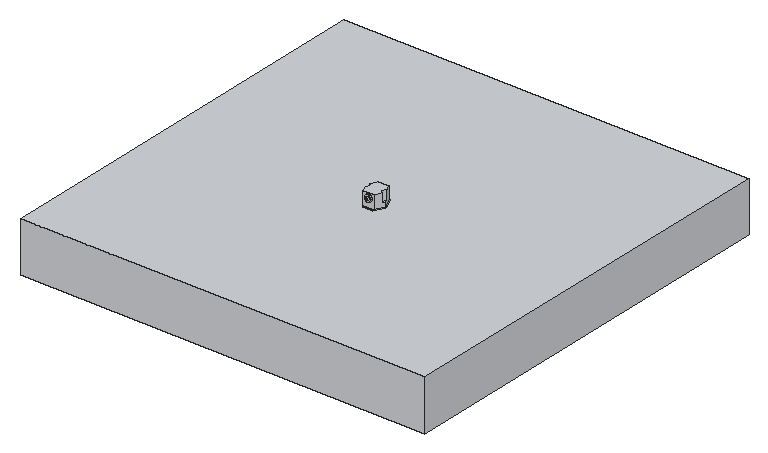
Revit family "M_Prendedor de porta do alarme de incêndio - Magnético - Montado no piso duplo", category Dispositivos de alarme de incêndio, Revit 2019
Family settings
  Hospedeiro = Face
  Manter orientação da anotação = Sim
  Cota do conector redondo = Utilizar diâmetro
  Tipo de parte = Normal
  Número OmniClass = 23.85.30.21.11.17
  Título OmniClass = Other Components
  ID de item do Seek = Fire Alarm Door Holder - Magnetic - Double Floor Mounted-0000-CAN-ENU
  Corte com vazios quando carregada = Não
  Compartilhado = Não
  Ponto de cálculo do ambiente = Não
Parameters (values of type "Padrão")
  Material do prendedor de porta = none
  Elevação-padrão = 1200 mm
Reference planes
  plane 1 "Centro (Frente/Trás)": y = 0
  plane 2: z = 0
  plane 3 "Centro (Esquerda/Direita)": x = 0
  plane 4: x = 58.738
  plane 5: x = -58.737
  plane 6: z = 82.55
  plane 7: x = -57.15
  plane 8: x = 57.15
  plane 9: x = -31.75
  plane 10: x = 31.75
  plane 11: z = 3.175
  plane 12: z = 28.575
  plane 13: z = 55.562
  plane 14: y = -123.825
  plane 15: y = -117.475
  plane 16: y = -6.35
  plane 17: y = -61.913
Forms (mm)
  Extrusion 1, solid
    sketch origin (0, 0, 0) x (1, 0, 0) y (0, 1, 0)
      loop
        line (-1219.2, 1219.2) -> (-1219.2, -1219.2) -> (1219.2, -1219.2) -> (1219.2, 1219.2) -> (-1219.2, 1219.2)
    from 0 to -304.8
  Extrusion 2, solid, material <- "Material do prendedor de porta"
    sketch origin (0, 0, 0) x (1, 0, 0) y (0, 0, 1)
      loop
        circle (0, 55.562) r 19.05
    from 0 to 123.825
  Extrusion 3, solid, material <- "Material do prendedor de porta"
    sketch origin (0, 0, 0) x (1, 0, 0) y (0, 1, 0)
      loop
        line (-58.737, -61.913) -> (-31.75, -123.825) -> (31.75, -123.825) -> (58.737, -61.913) -> (31.75, 0) -> (-31.75, 0) -> (-58.737, -61.913)
    from 3.175 to 0
  Extrusion 4, solid, material <- "Material do prendedor de porta"
    sketch origin (0, 0, 0) x (1, 0, 0) y (0, 1, 0)
      loop
        line (-34.355, -6.35) -> (-57.15, -61.913) -> (-34.355, -117.475) -> (34.355, -117.475) -> (57.15, -61.913) -> (34.355, -6.35) -> (-34.355, -6.35)
    from 3.175 to 82.55
  Extrusion 5, void
    sketch origin (81.771, -51.976, 0) x (1, 0, 0) y (0, 0, 1)
      loop
        circle (-81.771, 55.562) r 12.7
    from -51.976 to -48.801
  Extrusion 6, void
    sketch origin (-0.36, -85.701, 0) x (1, 0, 0) y (0, 0, 1)
      loop
        circle (0.36, 55.562) r 12.7
    from 34.639 to 38.124
  Extrusion 7, void
    sketch origin (0, 0, 0) x (1, 0, 0) y (0, 1, 0)
      loop
        arc (57.15, -42.863) -> (38.1, -61.913) -> (57.15, -80.963) r 19.05
        line (57.15, -80.963) -> (57.15, -42.863)
    from 28.575 to 82.55
  Extrusion 8, void
    sketch origin (0, 0, 0) x (-1, 0, 0) y (0, -1, 0)
      loop
        line (57.15, 42.863) -> (57.15, 80.963)
        arc (57.15, 80.963) -> (38.1, 61.913) -> (57.15, 42.863) r 19.05
    from 28.575 to 82.55
Cuts and joins
  Extrusion 5, Extrusion 6, Extrusion 8 cuts Extrusion 2
  Extrusion 7, Extrusion 8 cuts Extrusion 4
  joined: Extrusion 2, Extrusion 4
Lines and regions (mm)
  symbolic lines, detail levels fine
    curve 1: line (-31.75, -123.825, 0) -> (31.75, -123.825, 0)
    curve 2: line (31.75, -123.825, 0) -> (58.737, -61.913, 0)
    curve 3: line (58.737, -61.913, 0) -> (31.75, 0, 0)
    curve 4: line (31.75, 0, 0) -> (-31.75, 0, 0)
    curve 5: line (34.355, -6.35, 0) -> (-34.355, -6.35, 0)
    curve 6: line (-57.15, -61.913, 0) -> (-34.355, -117.475, 0)
    curve 7: line (-34.355, -117.475, 0) -> (34.355, -117.475, 0)
    curve 8: line (34.355, -117.475, 0) -> (57.15, -61.913, 0)
    curve 9: arc (-49.919, -79.537, 0) -> (-38.1, -61.913, 0) -> (-49.919, -44.288, 0) r 19.05
    curve 10: arc (49.919, -44.288, 0) -> (38.1, -61.913, 0) -> (49.919, -79.537, 0) r 19.05
    curve 11: line (-19.05, 0, 0) -> (-19.05, -6.35, 0)
    curve 12: line (19.05, 0, 0) -> (19.05, -6.35, 0)
    curve 13: line (-19.05, -117.475, 0) -> (-19.05, -123.825, 0)
    curve 14: line (19.05, -117.475, 0) -> (19.05, -123.825, 0)
    curve 15: line (-31.75, 0, 0) -> (-58.737, -61.913, 0)
    curve 16: line (57.15, -61.913, 0) -> (34.355, -6.35, 0)
    curve 17: line (-34.355, -6.35, 0) -> (-57.15, -61.913, 0)
    curve 18: line (-58.737, -61.913, 0) -> (-31.75, -123.825, 0)
Dimensions and locks
  equal spacing: plane 4, plane 3 "Centro (Esquerda/Direita)", plane 5
  locked: plane 4 to plane 5 at 117.475
  locked: plane 6 to plane 2 at 82.55
  equal spacing: plane 7, plane 3 "Centro (Esquerda/Direita)", plane 8
  locked: plane 7 to plane 8 at 114.3
  locked: plane 11 to plane 2 at 3.175
  locked: plane 12 to plane 11 at 25.4
  equal spacing: plane 6, plane 13, plane 12
  locked: plane 14 to plane 1 "Centro (Frente/Trás)" at 123.825
  equal spacing: plane 14, plane 17, plane 1 "Centro (Frente/Trás)"
  locked: plane 16 to plane 1 "Centro (Frente/Trás)" at 6.35
  locked: plane 14 to plane 15 at 6.35
  locked: plane 1 "Centro (Frente/Trás)" to cut or joined group of Extrusion 2, Extrusion 4, Extrusion 5, Extrusion 6, Extrusion 7, Extrusion 8 at 3.175
  locked: cut or joined group of Extrusion 2, Extrusion 4, Extrusion 5, Extrusion 6, Extrusion 7, Extrusion 8 to plane 14 at 3.485
  locked: curve 11 to plane 3 "Centro (Esquerda/Direita)" at 19.05
  locked: plane 3 "Centro (Esquerda/Direita)" to curve 12 at 19.05
  locked: curve 13 to plane 3 "Centro (Esquerda/Direita)" at 19.05
  locked: plane 3 "Centro (Esquerda/Direita)" to curve 14 at 19.05
  radius of Extrusion 2 sketch curve = 19.05 mm
  radius of Extrusion 5 sketch curve = 12.7 mm
  radius of Extrusion 6 sketch curve = 12.7 mm
  radius of Extrusion 7 sketch curve = 19.05 mm
  radius of Extrusion 8 sketch curve = 19.05 mm
  aligned and locked: plane 2 to Extrusion 1
  aligned and locked: level to Extrusion 1
  aligned and locked: plane 3 "Centro (Esquerda/Direita)" to Extrusion 2 sketch curve
  aligned and locked: plane 5 to Extrusion 3 sketch curve
  aligned and locked: plane 4 to Extrusion 3 sketch curve
  aligned and locked: plane 8 to Extrusion 4 sketch curve
  aligned and locked: plane 6 to Extrusion 4
  aligned and locked: plane 10 to Extrusion 3 sketch curve  (x2)
  aligned and locked: plane 11 to Extrusion 3
  aligned and locked: Extrusion 3 to plane 2
  aligned and locked: Extrusion 4 to plane 11
  aligned and locked: Extrusion 4 to plane 6
  aligned and locked: plane 13 to Extrusion 2 sketch curve
  aligned and locked: plane 13 to Extrusion 5 sketch curve
  aligned: plane 3 "Centro (Esquerda/Direita)" to Extrusion 5 sketch curve
  aligned and locked: plane 13 to Extrusion 6 sketch curve
  aligned: plane 3 "Centro (Esquerda/Direita)" to Extrusion 6 sketch curve
  aligned and locked: plane 8 to Extrusion 7 sketch curve  (x2)
  aligned and locked: Extrusion 7 to plane 12
  aligned and locked: plane 6 to Extrusion 7
  aligned and locked: plane 7 to Extrusion 8 sketch curve
  aligned and locked: Extrusion 8 to plane 12
  aligned and locked: plane 6 to Extrusion 8
  aligned and locked: plane 9 to Extrusion 3 sketch curve  (x2)
  aligned and locked: plane 14 to Extrusion 3 sketch curve  (x2)
  aligned and locked: plane 17 to Extrusion 3 sketch curve  (x2)
  aligned and locked: plane 1 "Centro (Frente/Trás)" to Extrusion 3 sketch curve  (x2)
  aligned and locked: plane 16 to Extrusion 4 sketch curve
  aligned and locked: plane 15 to Extrusion 4 sketch curve
  aligned and locked: plane 17 to Extrusion 4 sketch curve  (x2)
  aligned and locked: plane 7 to Extrusion 4 sketch curve
  aligned and locked: cut or joined group of Extrusion 2, Extrusion 4, Extrusion 5, Extrusion 6, Extrusion 7, Extrusion 8 to plane 1 "Centro (Frente/Trás)"
  aligned and locked: plane 14 to cut or joined group of Extrusion 2, Extrusion 4, Extrusion 5, Extrusion 6, Extrusion 7, Extrusion 8
  aligned and locked: plane 17 to Extrusion 8 sketch curve
  aligned and locked: plane 17 to Extrusion 7 sketch curve
  aligned and locked: plane 3 "Centro (Esquerda/Direita)" to Extrusion 6 sketch curve
  aligned and locked: plane 3 "Centro (Esquerda/Direita)" to Extrusion 5 sketch curve
  aligned and locked: Extrusion 5 to plane 1 "Centro (Frente/Trás)"
  aligned and locked: Extrusion 2 to Extrusion 6
  aligned and locked: plane 1 "Centro (Frente/Trás)" to nested 1
  aligned and locked: plane 3 "Centro (Esquerda/Direita)" to nested 1
  aligned and locked: curve 1 to Extrusion 3
  aligned and locked: curve 2 to Extrusion 3
  aligned and locked: curve 3 to Extrusion 3
  aligned and locked: curve 4 to Extrusion 3
  aligned and locked: curve 5 to cut or joined group of Extrusion 2, Extrusion 4, Extrusion 5, Extrusion 6, Extrusion 7, Extrusion 8
  aligned and locked: curve 6 to cut or joined group of Extrusion 2, Extrusion 4, Extrusion 5, Extrusion 6, Extrusion 7, Extrusion 8
  aligned and locked: curve 7 to cut or joined group of Extrusion 2, Extrusion 4, Extrusion 5, Extrusion 6, Extrusion 7, Extrusion 8
  aligned and locked: curve 8 to cut or joined group of Extrusion 2, Extrusion 4, Extrusion 5, Extrusion 6, Extrusion 7, Extrusion 8
  aligned and locked: curve 9 to cut or joined group of Extrusion 2, Extrusion 4, Extrusion 5, Extrusion 6, Extrusion 7, Extrusion 8
  aligned and locked: curve 10 to cut or joined group of Extrusion 2, Extrusion 4, Extrusion 5, Extrusion 6, Extrusion 7, Extrusion 8
  aligned and locked: plane 1 "Centro (Frente/Trás)" to curve 11
  aligned and locked: plane 16 to curve 11
  aligned and locked: plane 15 to curve 13
  aligned and locked: plane 14 to curve 13
  aligned and locked: curve 15 to Extrusion 3
  aligned and locked: curve 16 to cut or joined group of Extrusion 2, Extrusion 4, Extrusion 5, Extrusion 6, Extrusion 7, Extrusion 8
  aligned and locked: curve 17 to cut or joined group of Extrusion 2, Extrusion 4, Extrusion 5, Extrusion 6, Extrusion 7, Extrusion 8
  aligned and locked: curve 18 to Extrusion 3
Automatic sketch dimensions
  Extrusion 1 sketch curve to Extrusion 1 sketch curve = 2438.4 mm  (x2)
  Extrusion 4 sketch curve to plane 9 = 2.605 mm  (x2)
  Extrusion 4 sketch curve to plane 10 = 2.605 mm  (x2)
  Extrusion 8 sketch curve to plane 7 = 0 mm
Nested families
  nested 1: "M_Prendedor de porta do alarme de incêndio - Magnético - Anotação montada no piso" at (0, 0, 0), type "Prendedor de porta do alarme de incêndio - Magnético - Anotação montada no piso", detail levels coarse+medium
Connectors
  electrical at (0, -61.913, 0)
    settings: on Extrusion 3, index 1, voltage 0 V, apparent load 0 VA, apparent load phase1 0 VA, apparent load phase2 0 VA, apparent load phase3 0 VA, power factor 1, load classification "Outros", number of poles 1, system type 11, power factor state 1, is connector primary yes, connector utility no, sub classification motor no, connector description ""
Definition of nested family "M_Prendedor de porta do alarme de incêndio - Magnético - Anotação montada no piso"
  Parameters
    Anotação de legenda 2 = "D"
    Anotação de legenda 1 = "M"
  Reference planes
    plane 1: y = 0
    plane 2: x = 0
  Lines and regions (mm)
    reference lines
      curve 1: line (-2.381, 3.811, 0) -> (-2.381, -8.324, 0)
      curve 2: line (2.381, 5.375, 0) -> (2.381, -9.075, 0)
    detail lines
      curve 3: line (-2.381, 0, 0) -> (2.381, 0, 0)
      curve 4: line (-2.381, -4.763, 0) -> (-2.381, 0, 0)
      curve 5: line (2.381, -4.763, 0) -> (-2.381, -4.763, 0)
      curve 6: line (2.381, 0, 0) -> (2.381, -4.763, 0)
  Text (mm)
    label "M" at (-1.361, -2.384, 0), shows "Anotação de legenda 1"
    label "D" at (2.679, -4.593, 0), shows "Anotação de legenda 2"
  Dimensions and locks
    locked: curve 1 to plane 2 at 2.381
    locked: plane 2 to curve 2 at 2.381
    locked: plane 1 to curve 5 at 4.763
    aligned and locked: curve 4 to curve 1
    aligned and locked: curve 2 to curve 6
    aligned and locked: plane 1 to curve 3
